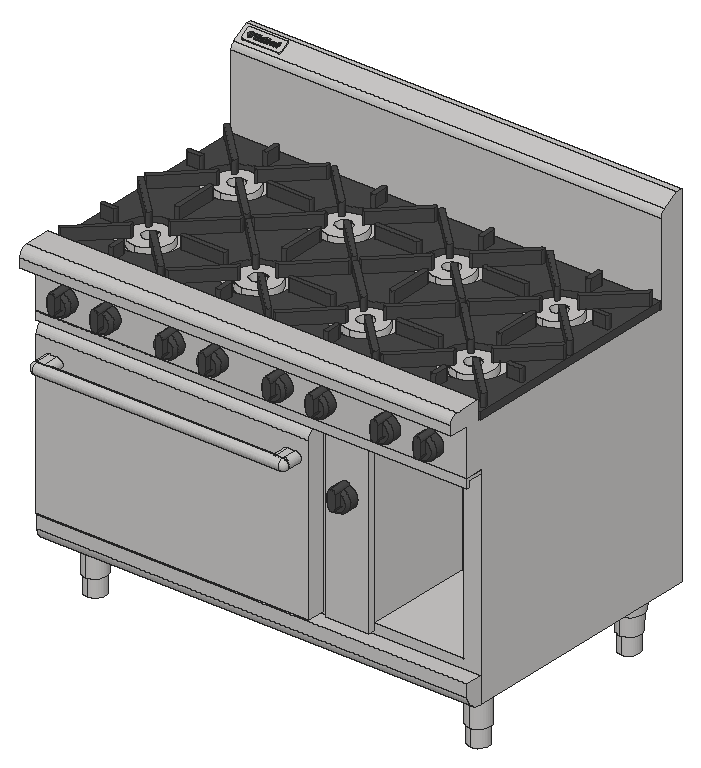
Revit family "QF_MOFFAT WALDORF_RN8810GC", category Specialty Equipment, Revit 2012 (continued)
Automatic sketch dimensions
  Extrusion 10 sketch curve to plane 5 "FRONT" = 104 mm  (x2)
  plane 4 "RIGHT" to Extrusion 10 sketch curve = 3 mm
  plane 14 to Extrusion 10 sketch curve = 76 mm  (x2)
  Extrusion 10 sketch curve to plane 7 "Center Y" = 150 mm  (x2)
  Extrusion 10 sketch curve to plane 16 = 84.5 mm  (x2)
  Extrusion 1 to Split face 6 sketch curve = 1.962 mm
  Split face 6 sketch curve to Extrusion 1 = 14.14 mm
  Split face 6 sketch curve to Extrusion 1 = 264.5 mm
  Split face 6 sketch curve to Split face 6 sketch curve = 20 mm
  Extrusion 1 to Split face 7 sketch curve = 1.962 mm
  Split face 7 sketch curve to Extrusion 1 = 14.14 mm
  Split face 7 sketch curve to Extrusion 1 = 291.5 mm
  Split face 7 sketch curve to Split face 7 sketch curve = 20 mm
  Extrusion 1 to Split face 8 sketch curve = 1.962 mm
  Split face 8 sketch curve to Extrusion 1 = 14.14 mm
  Split face 8 sketch curve to Extrusion 1 = 318.5 mm
  Split face 8 sketch curve to Split face 8 sketch curve = 20 mm
  Extrusion 1 to Split face 9 sketch curve = 1.962 mm
  Split face 9 sketch curve to Extrusion 1 = 14.14 mm
  Split face 9 sketch curve to Extrusion 1 = 345.5 mm
  Split face 9 sketch curve to Split face 9 sketch curve = 20 mm
  Extrusion 1 to Split face 10 sketch curve = 1.962 mm
  Split face 10 sketch curve to Extrusion 1 = 14.14 mm
  Split face 10 sketch curve to Extrusion 1 = 372.5 mm
  Split face 10 sketch curve to Split face 10 sketch curve = 20 mm
  Extrusion 1 to Split face 11 sketch curve = 1.962 mm
  Split face 11 sketch curve to Extrusion 1 = 14.14 mm
  Split face 11 sketch curve to Extrusion 1 = 399.5 mm
  Split face 11 sketch curve to Split face 11 sketch curve = 20 mm
  Extrusion 1 to Split face 12 sketch curve = 1.962 mm
  Split face 12 sketch curve to Extrusion 1 = 14.14 mm
  Split face 12 sketch curve to Extrusion 1 = 426.5 mm
  Split face 12 sketch curve to Split face 12 sketch curve = 20 mm
  Extrusion 1 to Split face 13 sketch curve = 1.962 mm
  Split face 13 sketch curve to Extrusion 1 = 14.14 mm
  Split face 13 sketch curve to Extrusion 1 = 453.5 mm
  Split face 13 sketch curve to Split face 13 sketch curve = 20 mm
  Extrusion 1 to Split face 14 sketch curve = 1.962 mm
  Split face 14 sketch curve to Extrusion 1 = 14.14 mm
  Split face 14 sketch curve to Extrusion 1 = 480.5 mm
  Split face 14 sketch curve to Split face 14 sketch curve = 20 mm
  Extrusion 1 to Split face 15 sketch curve = 1.962 mm
  Split face 15 sketch curve to Extrusion 1 = 14.14 mm
  Split face 15 sketch curve to Extrusion 1 = 507.5 mm
  Split face 15 sketch curve to Split face 15 sketch curve = 20 mm
  Extrusion 1 to Split face 16 sketch curve = 1.962 mm
  Split face 16 sketch curve to Extrusion 1 = 14.14 mm
  Split face 16 sketch curve to Extrusion 1 = 534.5 mm
  Split face 16 sketch curve to Split face 16 sketch curve = 20 mm
  Extrusion 1 to Split face 17 sketch curve = 1.962 mm
  Split face 17 sketch curve to Extrusion 1 = 14.14 mm
  Split face 17 sketch curve to Extrusion 1 = 561.5 mm
  Split face 17 sketch curve to Split face 17 sketch curve = 20 mm
  Extrusion 1 to Split face 18 sketch curve = 1.962 mm
  Split face 18 sketch curve to Extrusion 1 = 14.14 mm
  Split face 18 sketch curve to Extrusion 1 = 588.5 mm
  Split face 18 sketch curve to Split face 18 sketch curve = 20 mm
  Extrusion 1 to Split face 19 sketch curve = 1.962 mm
  Split face 19 sketch curve to Extrusion 1 = 14.14 mm
  Split face 19 sketch curve to Extrusion 1 = 584.5 mm
  Split face 19 sketch curve to Split face 19 sketch curve = 20 mm
  Extrusion 1 to Split face 20 sketch curve = 1.962 mm
  Split face 20 sketch curve to Extrusion 1 = 14.14 mm
  Split face 20 sketch curve to Extrusion 1 = 557.5 mm
  Split face 20 sketch curve to Split face 20 sketch curve = 20 mm
  Extrusion 1 to Split face 21 sketch curve = 1.962 mm
  Split face 21 sketch curve to Extrusion 1 = 14.14 mm
  Split face 21 sketch curve to Extrusion 1 = 530.5 mm
  Split face 21 sketch curve to Split face 21 sketch curve = 20 mm
  Extrusion 1 to Split face 22 sketch curve = 1.962 mm
  Split face 22 sketch curve to Extrusion 1 = 14.14 mm
  Split face 22 sketch curve to Extrusion 1 = 503.5 mm
  Split face 22 sketch curve to Split face 22 sketch curve = 20 mm
  Extrusion 1 to Split face 23 sketch curve = 1.962 mm
  Split face 23 sketch curve to Extrusion 1 = 14.14 mm
  Split face 23 sketch curve to Extrusion 1 = 476.5 mm
  Split face 23 sketch curve to Split face 23 sketch curve = 20 mm
  Extrusion 1 to Split face 24 sketch curve = 1.962 mm
  Split face 24 sketch curve to Extrusion 1 = 14.14 mm
  Split face 24 sketch curve to Extrusion 1 = 449.5 mm
  Split face 24 sketch curve to Split face 24 sketch curve = 20 mm
  Extrusion 1 to Split face 25 sketch curve = 1.962 mm
  Split face 25 sketch curve to Extrusion 1 = 14.14 mm
  Split face 25 sketch curve to Extrusion 1 = 422.5 mm
  Split face 25 sketch curve to Split face 25 sketch curve = 20 mm
  Extrusion 1 to Split face 26 sketch curve = 1.962 mm
  Split face 26 sketch curve to Extrusion 1 = 14.14 mm
  Split face 26 sketch curve to Extrusion 1 = 395.5 mm
  Split face 26 sketch curve to Split face 26 sketch curve = 20 mm
  Extrusion 1 to Split face 27 sketch curve = 1.962 mm
  Split face 27 sketch curve to Extrusion 1 = 14.14 mm
  Split face 27 sketch curve to Extrusion 1 = 368.5 mm
  Split face 27 sketch curve to Split face 27 sketch curve = 20 mm
  Extrusion 1 to Split face 28 sketch curve = 1.962 mm
  Split face 28 sketch curve to Extrusion 1 = 14.14 mm
  Split face 28 sketch curve to Extrusion 1 = 341.5 mm
  Split face 28 sketch curve to Split face 28 sketch curve = 20 mm
  Extrusion 1 to Split face 29 sketch curve = 1.962 mm
  Split face 29 sketch curve to Extrusion 1 = 14.14 mm
  Split face 29 sketch curve to Extrusion 1 = 314.5 mm
  Split face 29 sketch curve to Split face 29 sketch curve = 20 mm
  Extrusion 1 to Split face 30 sketch curve = 1.962 mm
  Split face 30 sketch curve to Extrusion 1 = 14.14 mm
  Split face 30 sketch curve to Extrusion 1 = 287.5 mm
  Split face 30 sketch curve to Split face 30 sketch curve = 20 mm
  Extrusion 1 to Split face 31 sketch curve = 1.962 mm
  Split face 31 sketch curve to Extrusion 1 = 14.14 mm
  Split face 31 sketch curve to Extrusion 1 = 260.5 mm
  Split face 31 sketch curve to Split face 31 sketch curve = 20 mm
  Extrusion 1 to Split face 32 sketch curve = 1.962 mm
  Split face 32 sketch curve to Extrusion 1 = 14.14 mm
  Split face 32 sketch curve to Extrusion 1 = 233.5 mm
  Split face 32 sketch curve to Split face 32 sketch curve = 20 mm
  Extrusion 1 to Split face 33 sketch curve = 1.962 mm
  Split face 33 sketch curve to Extrusion 1 = 14.14 mm
  Split face 33 sketch curve to Extrusion 1 = 206.5 mm
  Split face 33 sketch curve to Split face 33 sketch curve = 20 mm
  Extrusion 1 to Split face 34 sketch curve = 1.962 mm
  Split face 34 sketch curve to Extrusion 1 = 14.14 mm
  Split face 34 sketch curve to Extrusion 1 = 179.5 mm
  Split face 34 sketch curve to Split face 34 sketch curve = 20 mm
  Extrusion 1 to Split face 35 sketch curve = 1.962 mm
  Split face 35 sketch curve to Extrusion 1 = 14.14 mm
  Split face 35 sketch curve to Extrusion 1 = 152.5 mm
  Split face 35 sketch curve to Split face 35 sketch curve = 20 mm
  Extrusion 1 to Split face 36 sketch curve = 1.962 mm
  Split face 36 sketch curve to Extrusion 1 = 14.14 mm
  Split face 36 sketch curve to Extrusion 1 = 125.5 mm
  Split face 36 sketch curve to Split face 36 sketch curve = 20 mm
  Extrusion 29 sketch curve to Extrusion 1 = 373.238 mm
  Extrusion 29 sketch curve to Extrusion 1 = 196.458 mm
  Extrusion 31 sketch curve to plane 17 = 61.602 mm  (x5)
  Extrusion 31 sketch curve to Extrusion 31 sketch curve = 0 mm  (x23)
  plane 3 "LEFT" to Extrusion 31 sketch curve = 15.153 mm
  Extrusion 31 sketch curve to plane 7 "Center Y" = 15.153 mm  (x2)
  plane 7 "Center Y" to Extrusion 31 sketch curve = 15.153 mm
  plane 4 "RIGHT" to Extrusion 31 sketch curve = 15.153 mm  (x2)
  plane 9 to Extrusion 31 sketch curve = 4.847 mm  (x3)
  Extrusion 31 sketch curve to Extrusion 31 sketch curve = 4.525 mm  (x48)
  Extrusion 31 sketch curve to plane 17 = 67.398 mm  (x4)
  Extrusion 31 sketch curve to Extrusion 31 sketch curve = 36.204 mm  (x8)
  Extrusion 31 sketch curve to Extrusion 31 sketch curve = 65.923 mm  (x4)
  plane 3 "LEFT" to Extrusion 31 sketch curve = 16.591 mm  (x2)
  plane 12 to Extrusion 31 sketch curve = 74.863 mm  (x2)
  plane 4 "RIGHT" to Extrusion 31 sketch curve = 15.648 mm  (x2)
  Extrusion 31 sketch curve to Extrusion 31 sketch curve = 20.524 mm  (x13)
  Extrusion 31 sketch curve to Extrusion 31 sketch curve = 6.4 mm  (x22)
  plane 12 to Extrusion 31 sketch curve = 40.548 mm  (x8)
  Extrusion 31 sketch curve to plane 12 = 24.426 mm  (x4)
  Extrusion 31 sketch curve to plane 13 = 7.374 mm  (x8)
  plane 8 "Center X" to Extrusion 31 sketch curve = 8.898 mm  (x8)
  plane 8 "Center X" to Extrusion 31 sketch curve = 4.372 mm  (x8)
  Extrusion 31 sketch curve to plane 8 "Center X" = 43.102 mm  (x4)
  Extrusion 31 sketch curve to Extrusion 31 sketch curve = 55.923 mm  (x12)
  plane 10 to Extrusion 31 sketch curve = 43.646 mm  (x2)
  Extrusion 31 sketch curve to plane 11 = 9.416 mm  (x2)
  plane 10 to Extrusion 31 sketch curve = 43.172 mm  (x3)
  plane 10 to Extrusion 31 sketch curve = 9.848 mm  (x8)
  plane 10 to Extrusion 31 sketch curve = 5.323 mm  (x8)
  Extrusion 31 sketch curve to plane 10 = 65.126 mm  (x4)
  plane 9 to Extrusion 31 sketch curve = 13.898 mm
  Extrusion 31 sketch curve to plane 10 = 98.074 mm  (x5)
  plane 7 "Center Y" to Extrusion 31 sketch curve = 6.102 mm  (x3)
  plane 4 "RIGHT" to Extrusion 31 sketch curve = 6.102 mm
  plane 9 to Extrusion 31 sketch curve = 26.102 mm
  Extrusion 31 sketch curve to plane 7 "Center Y" = 6.102 mm
  plane 3 "LEFT" to Extrusion 31 sketch curve = 6.102 mm  (x3)
  plane 14 to Extrusion 31 sketch curve = 40.025 mm  (x4)
  plane 14 to Extrusion 31 sketch curve = 69.6 mm
  Extrusion 31 sketch curve to Extrusion 31 sketch curve = 53.847 mm  (x16)
  Extrusion 31 sketch curve to plane 9 = 38.102 mm  (x2)
  Extrusion 31 sketch curve to Extrusion 31 sketch curve = 12.205 mm  (x7)
  plane 9 to Extrusion 31 sketch curve = 78.102 mm  (x2)
  Extrusion 31 sketch curve to plane 7 "Center Y" = 58.102 mm  (x2)
  plane 7 "Center Y" to Extrusion 31 sketch curve = 58.102 mm  (x2)
  Extrusion 31 sketch curve to Extrusion 31 sketch curve = 128.447 mm  (x3)
  Extrusion 31 sketch curve to Extrusion 31 sketch curve = 116.204 mm  (x2)
  Extrusion 31 sketch curve to plane 16 = 90.9 mm
  plane 16 to Extrusion 31 sketch curve = 15.859 mm  (x2)
  Extrusion 32 sketch curve to plane 16 = 0.512 mm
  Extrusion 32 sketch curve to Extrusion 32 sketch curve = 81 mm
  Extrusion 32 sketch curve to plane 17 = 6.76 mm
  Extrusion 32 sketch curve to Extrusion 32 sketch curve = 48.5 mm
  Extrusion 32 sketch curve to plane 1 "BACK" = 30.24 mm
  Extrusion 32 sketch curve to plane 17 = 55.26 mm
  plane 10 to Extrusion 10 sketch curve = 36.504 mm  (x4)
  plane 7 "Center Y" to Extrusion 10 sketch curve = 150 mm  (x2)
  Extrusion 3 sketch curve to plane 5 "FRONT" = 91 mm
  plane 18 to Extrusion 3 sketch curve = 45 mm
  Extrusion 33 sketch curve to Extrusion 33 sketch curve = 0 mm  (x17)
  Extrusion 1 to Extrusion 33 sketch curve = 167.5 mm  (x4)
  Extrusion 33 sketch curve to Extrusion 1 = 171.5 mm  (x4)
  Extrusion 1 to Extrusion 33 sketch curve = 150 mm  (x4)
  Extrusion 33 sketch curve to Extrusion 33 sketch curve = 300 mm  (x3)
  Extrusion 34 sketch curve to plane 11 = 1.472 mm
  Extrusion 34 sketch curve to plane 18 = 46.875 mm  (x2)
  Extrusion 34 sketch curve to Extrusion 34 sketch curve = 15 mm  (x2)
  plane 7 "Center Y" to Extrusion 34 sketch curve = 102.757 mm
  Extrusion 34 sketch curve to Extrusion 34 sketch curve = 20.282 mm  (x2)
  Revolve 35 sketch curve to plane 3 "LEFT" = 6.961 mm
  plane 3 "LEFT" to Revolve 35 sketch curve = 23.246 mm
  Revolve 35 sketch curve to plane 18 = 16.875 mm
  Revolve 35 sketch curve to Revolve 35 sketch curve = 15 mm
  Revolve 35 sketch curve to plane 7 "Center Y" = 11.961 mm
  plane 7 "Center Y" to Revolve 35 sketch curve = 123.039 mm
  Revolve 35 sketch curve to Revolve 35 sketch curve = 0 mm
  curve 46 to curve 257 = 0 mm  (x2)
  curve 257 to curve 257 = 22 mm
  curve 183 to curve 259 = 0 mm  (x2)
  curve 259 to curve 259 = 22 mm
  curve 185 to curve 261 = 0 mm  (x2)
  curve 262 to curve 261 = 22 mm
  curve 187 to curve 263 = 0 mm  (x2)
  curve 264 to curve 263 = 22 mm
  curve 235 to curve 265 = 0 mm  (x2)
  plane 10 to curve 266 = 14.772 mm
  curve 233 to curve 267 = 0 mm  (x2)
  plane 10 to curve 268 = 14.772 mm
  curve 231 to curve 269 = 0 mm  (x2)
  plane 10 to curve 269 = 14.772 mm
  curve 48 to curve 271 = 0 mm  (x2)
  plane 10 to curve 271 = 14.772 mm
  radius of Extrusion 8 sketch curve = 10 mm
  radius of Extrusion 10 sketch curve = 85 mm  (x8)
  radius of Extrusion 29 sketch curve = 10 mm
  radius of Extrusion 33 sketch curve = 57 mm  (x8)
  radius of Extrusion 33 sketch curve = 22 mm  (x8)
Nested families
  nested 1: "WALDORF LOGO_FACE BASE" at (12.5, -21.284, 1127.238) x (1, 0, 0) z (0, -0.5, 0.866), visible <- "Show Logo", type "WALDORF LOGO_FACE BASE", detail levels medium+fine
    with Show Logo yes
Connectors
  piping at (1070, -32, 655)
    settings: on Extrusion 8, index 4, connector radius 0.37402", flow factor 0, pipe flow 0 GPM, pressure drop 0.00 psi, fitting loss kfactor 0, connector angle 0.00°, fixture units 0, engagement length 0 mm, flow configuration 1, flow direction 1, fitting loss method 0, system type 7, joint type 0, gender type 0, connector reference index -1, connector utility 0, adjustable connector no, is connector primary yes, fitting loss table "", connector description "GAS CONNECTION"
  electrical at (826.762, -500.272, 147), driven by "Volts", driven by "Watts", driven by "Watts"
    settings: on Extrusion 29, index 5, voltage 240 V, apparent load 130 VA, apparent load phase1 130 VA, apparent load phase2 0 VA, apparent load phase3 0 VA, power factor 1, load classification "Other", number of poles 1, system type 30, power factor state 1, is connector primary yes, connector utility no, sub classification motor no, connector description "ELECTRICAL CONNECTION"
Definition of nested family "WALDORF LOGO_FACE BASE"
  Parameters (values of type "WALDORF LOGO_FACE BASE")
    Show Logo [instance] = yes
    Default Elevation = 1219.2 mm
  Reference planes
    plane 1 "Center (Front/Back)": y = 0
    plane 2: z = 0
    plane 3 "Center (Left/Right)": x = 0
  Forms (mm)
    Extrusion 1, solid
      sketch origin (0, 0, 0) x (1, 0, 0) y (0, 1, 0)
        loop
          line (-1219.2, 1219.2) -> (-1219.2, -1219.2) -> (1219.2, -1219.2) -> (1219.2, 1219.2) -> (-1219.2, 1219.2)
      from 0 to -304.8
    Extrusion 2, solid, material "QF_Finishes_Stainless Steel", visible <- "Show Logo"
      sketch origin (0, -33.217, 0) x (1, 0, 0) y (0, 1, 0)
        loop
          arc (5, 34.14) -> (1.464, 32.676) -> (0, 29.14) r 5
          line (0, 29.14) -> (0, 5)
          arc (0, 5) -> (1.464, 1.464) -> (5, 0) r 5
          line (5, 0) -> (104, 0)
          arc (104, 0) -> (107.536, 1.464) -> (109, 5) r 5
          line (109, 5) -> (109, 29.14)
          arc (109, 29.14) -> (107.536, 32.676) -> (104, 34.14) r 5
          line (104, 34.14) -> (5, 34.14)
      from 0 to 1.588
    Extrusion 3, solid, material "QF_Finishes_Black", visible <- "Show Logo"
      sketch origin (0, -33.217, 1.588) x (1, 0, 0) y (0, 1, 0)
        loop
          line (24.772, 23.214) -> (27.992, 10.301) -> (31.551, 10.301) -> (33.443, 17.364) -> (35.205, 10.301) -> (39.332, 10.301) -> (42.077, 23.214) -> (38.352, 23.214) -> (36.676, 15.33) -> (35, 23.214) -> (31.752, 23.214) -> (30.076, 15.33) -> (28.4, 23.214) -> (24.772, 23.214)
        loop
          line (42.272, 17.055) -> (45.703, 17.055)
          spline (45.703, 17.055) -> (45.741, 17.285) -> (45.852, 17.499) -> (46.028, 17.682) -> (46.258, 17.823) -> (46.526, 17.912) -> (46.813, 17.942) -> (47.1, 17.912) -> (47.368, 17.823) -> (47.597, 17.682) -> (47.774, 17.499) -> (47.884, 17.285) -> (47.922, 17.055)
          line (47.922, 17.055) -> (47.922, 16.222)
          arc (47.922, 16.222) -> (45.742, 16.014) -> (43.665, 15.317) r 9.604
          arc (43.665, 15.317) -> (41.924, 12.809) -> (43.665, 10.301) r 2.677
          arc (43.665, 10.301) -> (45.527, 10.353) -> (47.332, 10.816) r 8.365
          line (47.332, 10.816) -> (48.092, 11.105) -> (48.092, 10.301) -> (51.817, 10.301) -> (51.817, 17.055)
          spline (51.817, 17.055) -> (51.654, 17.821) -> (51.178, 18.535) -> (50.419, 19.148) -> (49.431, 19.619) -> (48.28, 19.914) -> (47.044, 20.015) -> (45.809, 19.914) -> (44.658, 19.619) -> (43.67, 19.148) -> (42.911, 18.535) -> (42.434, 17.821) -> (42.272, 17.055)
        loop
          line (53.151, 23.214) -> (53.151, 10.301) -> (57.37, 10.301) -> (57.37, 23.214) -> (53.151, 23.214)
        loop
          line (64.874, 23.214) -> (64.874, 18.857)
          arc (64.874, 18.857) -> (58.083, 15.11) -> (64.874, 11.363) r 4.429
          line (64.874, 11.363) -> (64.874, 10.301) -> (68.378, 10.301) -> (68.378, 23.214) -> (64.874, 23.214)
        loop
          arc (64.874, 16.083) -> (61.41, 14.987) -> (64.874, 13.891) r 1.905
          line (64.874, 13.891) -> (64.874, 16.083)
        loop
          circle (74.623, 15.223) r 5
        loop
          spline (74.623, 17.856) -> (74.355, 17.766) -> (74.105, 17.503) -> (73.891, 17.084) -> (73.726, 16.539) -> (73.623, 15.904) -> (73.588, 15.223) -> (73.623, 14.541) -> (73.726, 13.906) -> (73.891, 13.361) -> (74.105, 12.942) -> (74.355, 12.679) -> (74.623, 12.59)
          spline (74.623, 12.59) -> (74.891, 12.679) -> (75.141, 12.942) -> (75.355, 13.361) -> (75.52, 13.906) -> (75.623, 14.541) -> (75.659, 15.223) -> (75.623, 15.904) -> (75.52, 16.539) -> (75.355, 17.084) -> (75.141, 17.503) -> (74.891, 17.766) -> (74.623, 17.856)
        loop
          line (81.255, 19.813) -> (81.255, 10.301) -> (84.834, 10.301) -> (84.834, 14.176)
          arc (84.834, 14.176) -> (85.854, 16.093) -> (88.013, 16.32) r 2.313
          line (88.013, 16.32) -> (88.013, 19.813) -> (87.161, 19.813)
          arc (87.161, 19.813) -> (85.526, 19.266) -> (84.549, 17.844) r 2.717
          line (84.549, 17.844) -> (84.549, 19.813) -> (81.255, 19.813)
        loop
          line (90.249, 19.813) -> (88.91, 19.813) -> (88.91, 17.614) -> (90.249, 17.614) -> (90.249, 10.301) -> (93.998, 10.301) -> (93.998, 17.614) -> (95.418, 17.614) -> (95.418, 19.813) -> (93.998, 19.813)
          arc (93.998, 19.813) -> (94.414, 20.817) -> (95.418, 21.233) r 1.42
          line (95.418, 21.233) -> (95.418, 23.602) -> (93.317, 23.602)
          arc (93.317, 23.602) -> (91.343, 22.903) -> (90.249, 21.118) r 3.137
          line (90.249, 21.118) -> (90.249, 19.813)
        loop
          arc (15.241, 23.571) -> (8.392, 16.525) -> (15.241, 9.479) r 7.049
          line (15.241, 9.479) -> (15.241, 23.571)
        loop
          line (15.641, 23.571) -> (15.641, 9.479)
          arc (15.641, 9.479) -> (22.49, 16.525) -> (15.641, 23.571) r 7.049
        loop
          arc (47.922, 14.711) -> (46.266, 13.749) -> (47.922, 12.787) r 1.107
          line (47.922, 12.787) -> (47.922, 14.711)
      from 0 to 0.2
  Dimensions and locks
    aligned and locked: plane 2 to Extrusion 1
    aligned and locked: level to Extrusion 1
